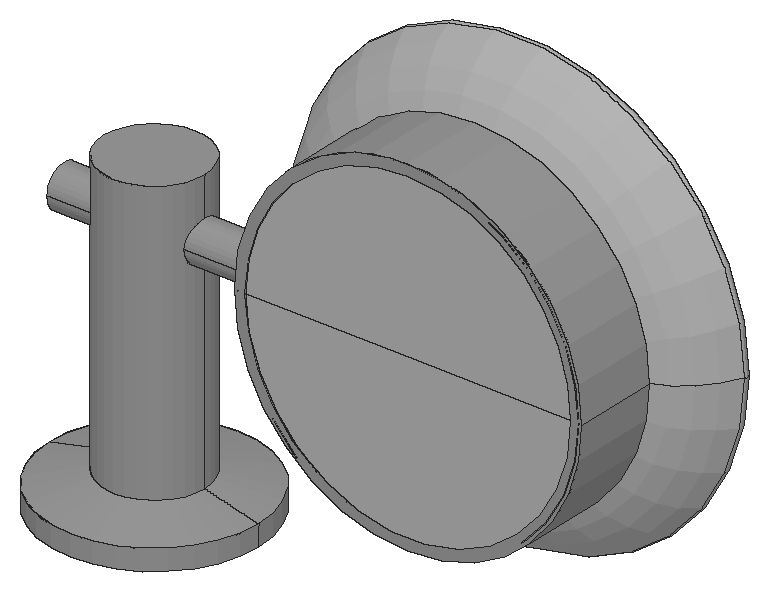
Revit family "MONAT Jabonera  BC7075900", category Generic Models, host Face, Revit 2014
Parameters
  MODELO = "MONAT"
  MARCA = "WASSER"
  EMPRESA = "CHC COMERCIAL HISPANO CHILENA"
  Default Elevation = 1219.2 mm
  DIMENSIONES = ""
  CÓDIGO = "BC7075900"
  ACCESORIO = "JABONERA"
Reference planes
  plane 1 "Center (Front/Back)": y = 0
  plane 2: z = 0
  plane 3 "Center (Left/Right)": x = 0
  plane 4: z = 75
  plane 5: z = 5
  plane 6: x = -25
  plane 7: x = 149
  plane 8: y = 25
  plane 9: y = 175
  plane 10: x = 41
  plane 11: x = 140
  plane 12: x = 50
  plane 13: y = 25
  plane 14: y = -100
  plane 15: y = 230
  plane 16: x = 95.354
  plane 17: x = 68.558
  plane 18: x = 14.558
  plane 19: x = 110
Forms (mm)
  Extrusion 1, solid, material "Steel, Galvanized"
    sketch origin (0, 0, 0) x (1, 0, 0) y (0, 1, 0)
      loop
        circle (0, 0) r 25
    from 0 to 5
  Blend 2, solid, material "Steel, Galvanized"
    base sketch origin (0, 0, 10) x (1, 0, 0) y (0, 1, 0)
      loop
        circle (0, 0) r 25
    top sketch origin (0, 0, 10) x (1, 0, 0) y (0, 1, 0)
      loop
        circle (0, 0) r 12
    from -5 to -2.05
  Extrusion 3, solid, material "Steel, Galvanized"
    sketch origin (0, 0, 0) x (1, 0, 0) y (0, 1, 0)
      loop
        circle (0, 0) r 12
    from 7.95 to 75
  Extrusion 4, solid, material "Steel, Galvanized"
    sketch origin (0, 0, 0) x (0, 1, 0) y (0, 0, 1)
      loop
        circle (0, 60.813) r 5
    from -21.613 to 48.98
  Extrusion 5, solid, material "Steel, Galvanized"
    sketch origin (-26.796, 0, 0) x (1, 0, 0) y (0, 0, 1)
      loop
        circle (95.354, 60.226) r 41.442
      loop
        circle (95.354, 60.226) r 38.871
    from -9.966 to 10
  Revolve 6, solid, material "Glass, Cast, Clear"
    sketch origin (-26.796, 0, 60.226) x (1, 0, 0) y (0, 1, 0)
      loop
        line (54.74, 9.966) -> (54.74, -10) -> (95.354, -10) -> (95.354, 11.582) -> (58.807, 11.582)
        arc (58.807, 11.582) -> (54.799, 12.258) -> (51.234, 14.209) r 12.231
        arc (51.234, 14.209) -> (46.77, 18.611) -> (43.38, 23.884) r 28.399
        arc (43.38, 23.884) -> (41.974, 24.527) -> (41.494, 23.057) r 1.036
        arc (41.494, 23.057) -> (46.799, 15.178) -> (54.74, 9.966) r 24.062
      axis (95.354, 23.884) -> (95.354, -10)
    angle from 0 to 360
Dimensions and locks
  aligned and locked: plane 2 to host face
  aligned and locked: level to host face
